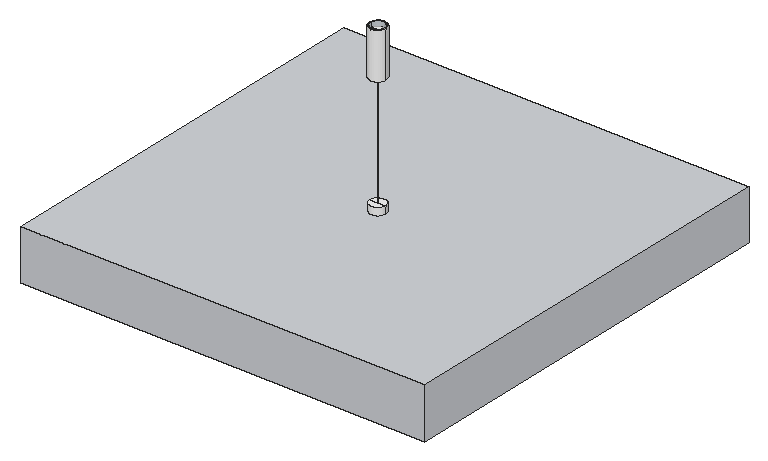
Revit family "Zumtobel PANOS INF PWH", category Lighting Fixtures, host Face, Revit 2015
Parameters (values of type "PANOS INF PWH R100")
  Width = 100 mm
  Wattage = 11.3167 W
  built-in parameter 1150110 = 1 (stored number, unit not read)
  Voltage = 230 V
  URL = "http://www.zumtobel.com/60510429"
  Type Comments = "© Zumtobel. We reserve the right to make technical changes without prior notice."  # constant formula
  built-in parameter 1114217 = 1 (stored number, unit not read)
  Tilt Angle = -90.00°
  built-in parameter 1150109 = 1 (stored number, unit not read)
  built-in parameter 1150134 = 12
  Suspension Value [instance] = if(Suspension Height < Height + 41 mm, Height + 42 mm, Suspension Height)  # 1000 mm
  Suspension Height [instance] = 1000 mm
  Sunspension [instance] = Zumtobel_Metal_White
  Emit from Circle Diameter = 85 mm
  built-in parameter 1150113 = 1 (stored number, unit not read)
  Photometric Web File = "ST9392.IES"
  Model = "60510429"
  Manufacturer = "Zumtobel Lighting"  # constant formula
  built-in parameter 1150105 = 133.77 (stored number, unit not read)
  Lumens = 1681 lm
  built-in parameter 1150115 = 1 (stored number, unit not read)
  built-in parameter 1150137 = (empty or 0)
  built-in parameter 1150139 = (empty or 0)
  Length = Width  # 100 mm
  built-in parameter 1150112 = 1 (stored number, unit not read)
  built-in parameter 1150114 = 1 (stored number, unit not read)
  Lamp = "LED"  # constant formula
  built-in parameter 1150132 = 2
  built-in parameter 1150102 = (empty or 0)
  built-in parameter 1150107 = 4000 (stored number, unit not read)
  built-in parameter 1150138 = (empty or 0)
  built-in parameter 1150106 = 1.3377 (stored number, unit not read)
  Height = 276 mm
  Emit Shape Visible in Rendering = no
  built-in parameter 1150104 = 13.8 (stored number, unit not read)
  Dimming Lamp Color Temperature Shift = <None>
  Description = "LED luminaire"  # constant formula
  Default Elevation = 0 mm
  Color Light Emitting Surface [instance] = Zumtobel_Lamp_Self_llumination
  Color Filter = 16777215
  Body [instance] = Zumtobel_Metal_White
  built-in parameter 1114218 = 1 (stored number, unit not read)
  built-in parameter 1150133 = 10 (stored number, unit not read)
  Assembly Code = "D5020200"
  Apparent Load = 22 VA
Types (2, lengths in mm): name | Width | Wattage | URL | Emit from Circle Diameter | Photometric Web File | Model | built-in parameter 1150105 | Lumens | Length | built-in parameter 1150106 | Height | Apparent Load
  PANOS INF PWH R70 | 70 | 7.18989 W | "http://www.zumtobel.com/60510393" | 56 | "ST9371.IES" | "60510393" | 84.989 (stored number, unit not read) | 1068 lm | 70 | 0.84989 (stored number, unit not read) | 227 | 12 VA
  PANOS INF PWH R100 | 100 | 11.3167 W | "http://www.zumtobel.com/60510429" | 85 | "ST9392.IES" | "60510429" | 133.77 (stored number, unit not read) | 1681 lm | 100 | 1.3377 (stored number, unit not read) | 276 | 22 VA
Reference planes
  plane 1 "Center (Front/Back)": y = -48.5
  plane 2 "Top": z = 0
  plane 3 "Center (Left/Right)": x = -0.5
  plane 4: x = 49.5
  plane 5: x = -50.5
  plane 6: y = 1.5
  plane 7: y = -98.5
  plane 8 "Bottom": z = 1000
  plane 9: z = 724
  plane 10: x = -43.5
  plane 11: z = 41
  plane 12: x = -47
Forms (mm)
  Extrusion 1, solid
    sketch origin (0, 0, 0) x (1, 0, 0) y (0, 1, 0)
      loop
        line (-1219.2, 1219.2) -> (-1219.2, -1219.2) -> (1219.2, -1219.2) -> (1219.2, 1219.2) -> (-1219.2, 1219.2)
    from 0 to -304.8
  Extrusion 2, solid, material "Zumtobel_Metal_White" <- "Sunspension"
    sketch origin (0, 0, 0) x (1, 0, 0) y (0, 1, 0)
      loop
        circle (-0.5, -48.5) r 1
    from 41 to 724
  Revolve 3, solid, material "Zumtobel_Metal_White" <- "Body"
    sketch origin (0, -48.5, 0) x (1, 0, 0) y (0, 0, 1)
      loop
        line (-0.5, 724) -> (-0.5, 975) -> (-41.5, 975) -> (-43.5, 1000) -> (-45.5, 1000) -> (-45.5, 998) -> (-47.5, 998) -> (-47.5, 1000) -> (-50.5, 1000) -> (-50.5, 724) -> (-0.5, 724)
      axis (-0.5, 724) -> (-0.5, 1000)
    angle from 0 to 360
  Revolve 4, solid, material "Zumtobel_Metal_White" <- "Sunspension"
    sketch origin (0, -48.5, 0) x (1, 0, 0) y (0, 0, 1)
      loop
        line (-47, 0) -> (-0.5, 0) -> (-0.5, 41) -> (-47, 41) -> (-47, 0)
      axis (-0.5, 0) -> (-0.5, 41)
    angle from 0 to 360
Dimensions and locks
  "Width": plane 5 to plane 4
  equal spacing: plane 5, plane 3 "Center (Left/Right)", plane 4
  equal spacing: plane 6, plane 1 "Center (Front/Back)", plane 7
  "Length": plane 6 to plane 7
  "Suspension Value": plane 8 "Bottom" to plane 2 "Top"
  "Height": plane 8 "Bottom" to plane 9
  locked: plane 10 to plane 5 at 7
  locked: plane 3 "Center (Left/Right)" to plane 12 at 46.5
  plane 11 to level = 41 mm
  aligned and locked: plane 2 "Top" to Extrusion 1
  aligned and locked: level to Extrusion 1
  aligned and locked: imposter light to plane 1 "Center (Front/Back)"
  aligned and locked: plane 3 "Center (Left/Right)" to imposter light
  aligned and locked: plane 8 "Bottom" to imposter light
  aligned and locked: plane 9 to Extrusion 2
  aligned and locked: plane 9 to Revolve 3 sketch curve
  aligned and locked: plane 5 to Revolve 3 sketch curve
  aligned and locked: Revolve 3 sketch curve to plane 8 "Bottom"
  aligned and locked: plane 3 "Center (Left/Right)" to Revolve 3 sketch curve
  aligned and locked: Extrusion 2 to plane 11
  aligned and locked: plane 2 "Top" to Revolve 4 sketch curve
  aligned and locked: plane 12 to Revolve 4 sketch curve
  aligned and locked: Revolve 4 sketch curve to plane 11
  aligned and locked: Revolve 4 sketch curve to plane 3 "Center (Left/Right)"
  aligned and locked: plane 3 "Center (Left/Right)" to Revolve 4 sketch curve
Automatic sketch dimensions
  Extrusion 1 sketch curve to Extrusion 1 sketch curve = 2438.4 mm  (x2)
  plane 1 "Center (Front/Back)" to Extrusion 2 sketch curve = 0 mm
  Extrusion 2 sketch curve to plane 3 "Center (Left/Right)" = 0 mm
  Revolve 3 sketch curve to plane 8 "Bottom" = 0 mm
  plane 10 to Revolve 3 sketch curve = 0 mm
  Revolve 3 sketch curve to plane 3 "Center (Left/Right)" = 0 mm
  Revolve 3 sketch curve to Revolve 3 sketch curve = 3 mm
  plane 10 to Revolve 3 sketch curve = 2 mm
  Revolve 3 sketch curve to plane 8 "Bottom" = 25 mm
  Revolve 3 sketch curve to plane 8 "Bottom" = 2 mm
  Revolve 3 sketch curve to plane 9 = 10 mm
  Revolve 3 sketch curve to Revolve 3 sketch curve = 12.841 mm
  Revolve 3 sketch curve to plane 10 = 2 mm
  Revolve 4 sketch curve to level = 15 mm
  Revolve 4 sketch curve to Revolve 4 sketch curve = 15 mm
  radius of Extrusion 2 sketch curve = 1 mm
Connectors
  electrical at (-0.5, -48.5, 0), driven by "Apparent Load"
    settings: index 1, voltage 230 V, apparent load 0 VA, apparent load phase1 22 VA, apparent load phase2 0 VA, apparent load phase3 0 VA, power factor 1, load classification "Lighting", number of poles 1, system type 31, power factor state 1, is connector primary yes, connector utility no, sub classification motor no, connector description ""
